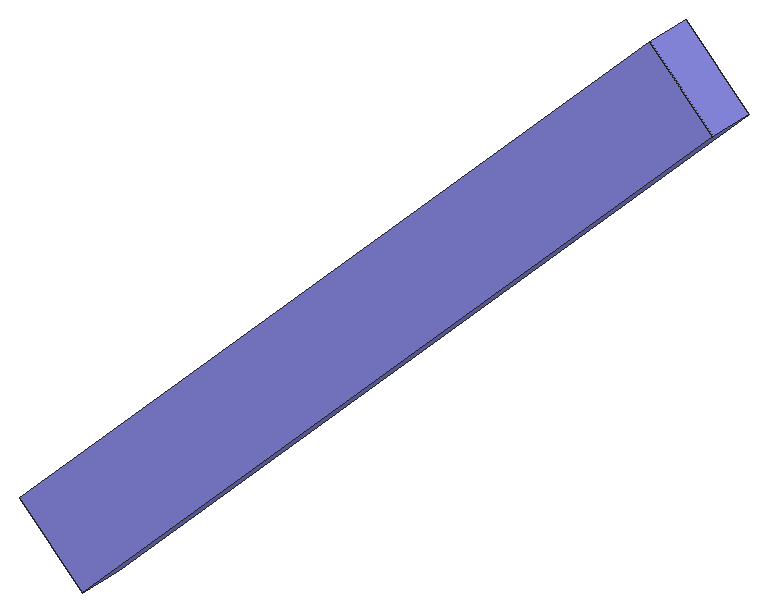
Revit family "配管サポート_溝形鋼", category Generic Models, Revit 2023
Family settings
  Can host rebar = No
  Round Connector Dimension = Use Diameter
  Part Type = Normal
  Work Plane-Based = Yes
  Always vertical = No
  Cut with Voids When Loaded = No
  Maintain Annotation Orientation = No
  Shared = No
  Room Calculation Point = No
Parameters (values of type "C 100 x 50")
  高さ = 100 mm
  長辺 [instance] = 長さ  # 1000 mm
  長さ [instance] = 1000 mm
  部屋名 = ""
  角度 [instance] = 45.00°
  Default Elevation = 1219.2 mm
  構造マテリアル = E102_配管サポート
  幅 = 50 mm
Types (10, lengths in mm): name | 高さ | 幅
  C 100 x 50 | 100 | 50
  C 125 x 65 | 125 | 65
  C 150 x 75 | 150 | 75
  C 180 x 75 | 180 | 75
  C 200 x 80 | 200 | 80
  C 200 x 90 | 200 | 90
  C 250 x 90 | 250 | 90
  C 300 x 90 | 300 | 90
  C 380 x 100 | 380 | 100
  C 75 x 40 | 75 | 40
Reference planes
  plane 1 "中心(正面/背面)": y = 0
  plane 2: z = 0
  plane 3 "中心(左/右)": x = 0
Lines and regions (mm)
  reference lines
    curve 1: line (0, 0, 0) -> (777.817, 0, 777.817)
    curve 2: line (35.355, 0, -35.355) -> (-35.355, 0, 35.355)
    curve 3: line (742.462, 0, 671.751) -> (671.751, 0, 742.462)
Dimensions and locks
  equal spacing: curve 2, curve 1, curve 2
  "高さ": curve 2 to curve 2
  equal spacing: curve 3, curve 1, curve 3
  "高さ": curve 3 to curve 3
  "長さ": curve 3 to curve 2
  "角度": angle level to curve 1
  angle curve 2 to curve 1 = 90.00°
  angle curve 3 to curve 1 = 90.00°
  aligned and locked: level to plane 2
  aligned and locked: level to curve 1
  aligned and locked: plane 3 "中心(左/右)" to curve 1
  aligned and locked: nested 1 to curve 1
Nested families
  nested 1: "溝形鋼" at (-35.355, 0, 35.355) x (0, 1, 0) z (0.7071, 0, -0.7071), 長さ <- "長さ", type "C 100 x 50"
    with 長辺 1000 mm, 長さ 1000 mm, 高さ 100 mm, 幅 50 mm
Definition of nested family "溝形鋼"
  Parameters (values of type "Ｈ 150 x 150")
    高さ = 150 mm
    長辺 [instance] = 長さ  # 500 mm
    長さ [instance] = 500 mm
    部屋名 = ""
    Default Elevation = 1219.2 mm
    構造マテリアル = none
    幅 = 150 mm
  Types (33, lengths in mm): name | 高さ | 長辺 | 長さ | 幅
    Ｈ 900 x 300 | 900 | 1000 | 1000 | 300
    Ｈ 800 x 300 | 800 | 1000 | 1000 | 300
    Ｈ 700 x 300 | 700 | 1000 | 1000 | 300
    Ｈ 588 x 300 | 588 | 1000 | 1000 | 300
    Ｈ 600 x 200 | 600 | 1000 | 1000 | 200
    Ｈ 488 x 300 | 488 | 1000 | 1000 | 300
    Ｈ 500 x 200 | 500 | 1000 | 1000 | 200
    Ｈ 440 x 300 | 440 | 1000 | 1000 | 300
    Ｈ 450 x 200 | 450 | 1000 | 1000 | 200
    Ｈ 400 x 400 | 400 | 1000 | 1000 | 400
    Ｈ 390 x 300 | 390 | 1000 | 1000 | 300
    Ｈ 400 x 200 | 400 | 1000 | 1000 | 200
    Ｈ 350 x 350 | 350 | 1000 | 1000 | 350
    Ｈ 340 x 250 | 340 | 1000 | 1000 | 250
    Ｈ 294 x 200 | 294 | 1000 | 1000 | 200
    Ｈ 244 x 175 | 244 | 1000 | 1000 | 175
    Ｈ 350 x 175 | 350 | 1000 | 1000 | 175
    Ｈ 300 x 300 | 300 | 1000 | 1000 | 300
    Ｈ 300 x 150 | 300 | 500 | 500 | 150
    Ｈ 250 x 250 | 250 | 500 | 500 | 250
    Ｈ 250 x 125 | 250 | 500 | 500 | 125
    Ｈ 200 x 200 | 200 | 500 | 500 | 200
    Ｈ 194 x 150 | 194 | 500 | 500 | 150
    Ｈ 200 x 100 | 200 | 500 | 500 | 100
    Ｈ 175 x 175 | 175 | 500 | 500 | 175
    Ｈ 175 x 90 | 175 | 500 | 500 | 90
    Ｈ 150 x 150 | 150 | 500 | 500 | 150
    Ｈ 148 x 100 | 148 | 500 | 500 | 100
    Ｈ 150 x 75 | 150 | 500 | 500 | 75
    Ｈ 125 x 125 | 125 | 500 | 500 | 125
    Ｈ 125 x 60 | 125 | 500 | 500 | 60
    Ｈ 100 x100 | 100 | 500 | 500 | 100
    Ｈ 100 x 50 | 100 | 500 | 500 | 50
  Reference planes
    plane 1 "中心(正面/背面)": y = 0
    plane 2: z = 0
    plane 3 "中心(左/右)": x = 0
    plane 4: z = 75
    plane 5: z = 150
  Forms (mm)
    Extrusion 1, solid, material <- "構造マテリアル"
      sketch origin (0, 0, 0) x (1, 0, 0) y (0, 1, 0)
        loop
          line (-75, 500) -> (-75, 0) -> (75, 0) -> (75, 500) -> (-75, 500)
      from 0 to 150
  Lines and regions (mm)
    reference lines
      curve 1: line (75, 500, 0) -> (-75, 500, 0)
      curve 2: line (75, 0, 0) -> (-75, 0, 0)
  Dimensions and locks
    "長さ": curve 1 to curve 2
    "幅": Extrusion 1 to Extrusion 1
    equal spacing: Extrusion 1, plane 3 "中心(左/右)", Extrusion 1
    "幅": curve 1 to curve 1
    equal spacing: curve 1, plane 3 "中心(左/右)", curve 1
    "幅": curve 2 to curve 2
    equal spacing: curve 2, plane 3 "中心(左/右)", curve 2
    equal spacing: plane 5, plane 4, level
    "高さ": plane 5 to level
    aligned and locked: level to plane 2
    aligned and locked: Extrusion 1 to curve 2
    aligned and locked: curve 1 to Extrusion 1
    aligned and locked: plane 5 to Extrusion 1
  Automatic sketch dimensions
    Extrusion 1 sketch curve to plane 3 "中心(左/右)" = 75 mm
    plane 3 "中心(左/右)" to Extrusion 1 sketch curve = 75 mm
    plane 1 "中心(正面/背面)" to Extrusion 1 sketch curve = 0 mm
    Extrusion 1 sketch curve to plane 1 "中心(正面/背面)" = 500 mm
    plane 1 "中心(正面/背面)" to curve 2 = 0 mm
